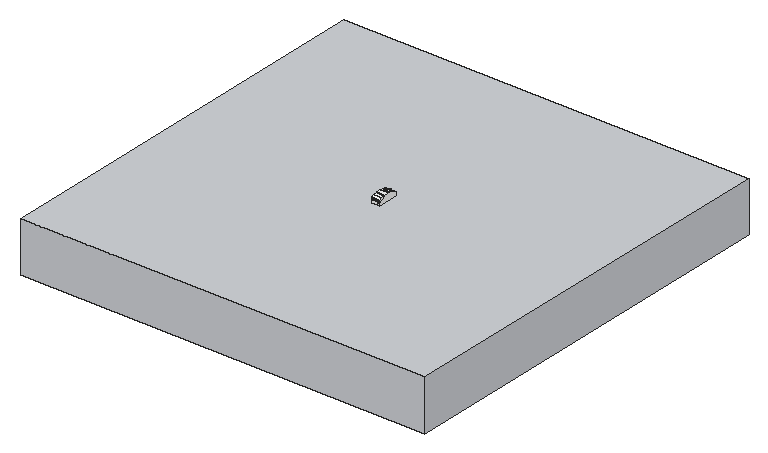
Revit family "Legrand_Gestion_eclairage_Alimentation_Plafond_DALI", category Dispositifs d'éclairage, Revit 2020
Family settings
  Hôte = Face
  Conserver l'orientation des annotations = Non
  Cote de connecteur circulaire = Utiliser le diamètre
  Type d'élément = Normal
  Couper avec des vides une fois chargée = Non
  Partagée = Non
  Point de calcul de pièce = Non
Parameters
  URL = "http://www.legrandoc.com/003515"
  Télécommandable = no
  Type de tension = ""
  Tension nominale (V) = 0
  Température (MIN) (°C) = 0
  Température (MAX) (°C) = 0
  Sensibilité réglable = no
  Sensibilité lumineuse réglable = no
  Sensibilité lumineuse (MIN) (lx) = 0
  Sensibilité lumineuse (MAX) (lx) = 0
  Réglage de lumière constante = no
  Portée max. latérale (m) = 0
  Portée max. frontale (m) = 0
  Numéro RAL = 0
  Modèle = "003515"
  Mode de montage = "autre"
  Liaison neutre = no
  Hauteur de montage maximale (m) = 0
  Gestion alarme = no
  Gestion CVC = no
  Fréquence (MIN) (Hz) = 0
  Fréquence (MAX) (Hz) = 0
  Fonction variateur intégré = no
  Fabricant = "Legrand"
  Exécution - Modèle = ""
  Entrée secondaire = no
  Default Elevation = 1219.2 mm
  Durée d'enclenchement min. (s) = 0
  Durée d'enclenchement max. (mn) = 0
  Diamètre de détection sur le plancher (m) = 0
  Description = "Alimentation DALI Prog Mosaic - pour variateurs colorimétriques 078403/048858/59"
  Courant de démarrage max. (A) = 0
  Coupure forcée = no
  Couleur = none
  Cosses d'artère secondaire = no
  Condition Générale d'Utilisation = "https://export.legrand.com/CGU-objets-BIM"
  Collecteur de terre = no
  Classe de protection (IP) = ""
  Capacité de coupure max. (W) = 0
  Boite de contrôle 2 sorties DALI = no
  Angle de détection horizontal (MIN) (°) = 0
  Angle de détection horizontal (MAX) (°) = 0
  Alimentation DALI = yes
  Adapté pour transmission sans fil = no
Types (3, lengths in mm): name | URL | Modèle | Mode de montage | Fréquence (MIN) (Hz) | Fréquence (MAX) (Hz) | Exécution - Modèle | Entrée secondaire | Description | Classe de protection (IP) | Boite de contrôle 2 sorties DALI | Alimentation DALI
  (no name) | "http://www.legrandoc.com/003515" | "003515" | "autre" | 0 | 0 | "" | no | "Alimentation DALI Prog Mosaic - pour variateurs colorimétriques 078403/048858/59" | "" | no | yes
  Alimentation DALI | "http://www.legrandoc.com/003515" | "003515" | "autre" | 0 | 0 | "" | no | "Alimentation DALI Prog Mosaic - pour variateurs colorimétriques 078403/048858/59" | "" | no | yes
  Boite de contrôle 2 sorties DALI | "http://www.legrandoc.com/048876" | "048876" | "apparent" | 50 | 60 | "module de commande" | yes | "Alimentation DALI - boîtier 4 entrées /2 sorties" | "IP20" | yes | no
Reference planes
  plane 1 "Centre (avant/arrière)": y = 0
  plane 2: z = 0
  plane 3 "Centre (gauche/droite)": x = 0
Forms (mm)
  Extrusion 1, solid
    sketch origin (0, 0, 0) x (1, 0, 0) y (0, 1, 0)
      loop
        line (-1219.2, 1219.2) -> (-1219.2, -1219.2) -> (1219.2, -1219.2) -> (1219.2, 1219.2) -> (-1219.2, 1219.2)
    from 0 to -304.8
Dimensions and locks
  aligned and locked: plane 2 to Extrusion 1
  aligned and locked: level to Extrusion 1
Nested families
  nested 1: "Modelisation 50" at (-25.75, 0, 0), visible <- "Boite de contrôle 2 sorties DALI", type "Modelisation 50"
  nested 2: "Modelisation 49" at (-25.75, 0, 0), visible <- "Alimentation DALI", type "Modelisation 49"
Connectors
  electrical at (0, 0, 0)
    settings: index 1, voltage 230 V, apparent load 0 VA, apparent load phase1 0 VA, apparent load phase2 0 VA, apparent load phase3 0 VA, power factor 1, load classification "Eclairage", number of poles 1, system type 30, power factor state 1, is connector primary yes, connector utility no, sub classification motor no, connector description ""
Definition of nested family "Modelisation 50"
  Parameters (values of type "Modelisation 50")
    Matériau couleur = none
    Longueur = 115 mm
    Largeur = 190 mm
    built-in parameter 1140140 [instance] = 1 (stored number, unit not read)
    Hauteur = 38 mm
    Default Elevation = 0 mm
    built-in parameter 1140142 [instance] = -1
    built-in parameter 1155100 [instance] = -1
  Reference planes
    plane 1 "Centre (avant/arrière)": y = 0
    plane 2: z = 0
    plane 3 "Centre (gauche/droite)": x = 25.75
  Forms (mm)
    Extrusion 1, solid, material <- "Matériau couleur"
      sketch origin (25.75, 80, 30) x (0, 0, 1) y (0, -1, 0)
        loop
          line (-30, 120) -> (-30, 0) -> (15, 0)
          arc (15, 0) -> (18.536, 1.464) -> (20, 5) r 5
          line (20, 5) -> (20, 20)
          arc (20, 20) -> (21.293, 24.912) -> (23.734, 29.365) r 20.874
          arc (23.734, 29.365) -> (27.981, 37.311) -> (30, 46.09) r 34.122
          line (30, 46.09) -> (30, 120) -> (-30, 120)
      from -95 to 95
    Extrusion 2, solid, material <- "Matériau couleur"
      sketch origin (25.75, 31, 29.578) x (0, 0, -1) y (1, 0, 0)
        loop
          arc (7.578, -70) -> (17.578, -80) -> (27.578, -70) r 10
          line (27.578, -70) -> (27.578, 70)
          arc (27.578, 70) -> (17.578, 80) -> (7.578, 70) r 10
          line (7.578, 70) -> (7.578, -70)
      from 71 to 86
    Extrusion 3, solid, material <- "Matériau couleur"
      sketch origin (25.75, 31, 29.578) x (0, 0, -1) y (1, 0, 0)
        loop
          line (25.078, -70) -> (25.078, 70)
          arc (25.078, 70) -> (17.578, 77.5) -> (10.078, 70) r 7.5
          line (10.078, 70) -> (10.078, -70)
          arc (10.078, -70) -> (17.578, -77.5) -> (25.078, -70) r 7.5
      from 86 to 101
    Extrusion 4, solid, material <- "Matériau couleur"
      sketch origin (0, 80, -19.5) x (0, -1, 0) y (1, 0, 0)
        loop
          line (150, 95.75) -> (150, 83.75) -> (154, 83.75)
          arc (154, 83.75) -> (160, 89.75) -> (154, 95.75) r 6
          line (154, 95.75) -> (150, 95.75)
        loop
          line (150, 45.25) -> (150, 33.25) -> (154, 33.25)
          arc (154, 33.25) -> (160, 39.25) -> (154, 45.25) r 6
          line (154, 45.25) -> (150, 45.25)
        loop
          line (150, 62.05) -> (150, 50.05) -> (154, 50.05)
          arc (154, 50.05) -> (160, 56.05) -> (154, 62.05) r 6
          line (154, 62.05) -> (150, 62.05)
        loop
          line (150, 78.95) -> (150, 66.95) -> (154, 66.95)
          arc (154, 66.95) -> (160, 72.95) -> (154, 78.95) r 6
          line (154, 78.95) -> (150, 78.95)
        loop
          line (150, 18.25) -> (150, 6.25) -> (154, 6.25)
          arc (154, 6.25) -> (160, 12.25) -> (154, 18.25) r 6
          line (154, 18.25) -> (150, 18.25)
        loop
          line (150, -32.25) -> (150, -44.25) -> (154, -44.25)
          arc (154, -44.25) -> (160, -38.25) -> (154, -32.25) r 6
          line (154, -32.25) -> (150, -32.25)
        loop
          line (150, -15.45) -> (150, -27.45) -> (154, -27.45)
          arc (154, -27.45) -> (160, -21.45) -> (154, -15.45) r 6
          line (154, -15.45) -> (150, -15.45)
        loop
          line (150, 1.45) -> (150, -10.55) -> (154, -10.55)
          arc (154, -10.55) -> (160, -4.55) -> (154, 1.45) r 6
          line (154, 1.45) -> (150, 1.45)
      from 24 to 25.5
    Extrusion 5, void
      sketch origin (25.75, 31, 29.578) x (0, 0, -1) y (1, 0, 0)
        loop
          line (23.578, -70) -> (23.578, -7.5) -> (16.578, -7.5)
          arc (16.578, -7.5) -> (13.043, -8.964) -> (11.578, -12.5) r 5
          line (11.578, -12.5) -> (11.578, -65)
          arc (11.578, -65) -> (13.043, -68.536) -> (16.578, -70) r 5
          line (16.578, -70) -> (23.578, -70)
        loop
          line (23.578, 7.5) -> (23.578, 70) -> (16.578, 70)
          arc (16.578, 70) -> (13.043, 68.536) -> (11.578, 65) r 5
          line (11.578, 65) -> (11.578, 12.5)
          arc (11.578, 12.5) -> (13.043, 8.964) -> (16.578, 7.5) r 5
          line (16.578, 7.5) -> (23.578, 7.5)
      from 86 to 101
    Extrusion 6, void
      sketch origin (25.75, 51, 3.989) x (-1, 0, 0) y (0, -1, 0)
        loop
          arc (-95, 81) -> (-92.071, 88.071) -> (-85, 91) r 10
          line (-85, 91) -> (-95, 91) -> (-95, 81)
      from -3.989 to 56.011
    Extrusion 7, void
      sketch origin (25.75, 51, 3.989) x (-1, 0, 0) y (0, -1, 0)
        loop
          line (95, 81) -> (95, 91) -> (85, 91)
          arc (85, 91) -> (92.071, 88.071) -> (95, 81) r 10
      from -3.989 to 56.011
    Extrusion 8, void
      sketch origin (25.75, -11, 3.989) x (1, 0, 0) y (0, 1, 0)
        loop
          line (95, 81) -> (95, 91) -> (85, 91)
          arc (85, 91) -> (92.071, 88.071) -> (95, 81) r 10
      from -3.989 to 46.011
    Extrusion 9, void
      sketch origin (25.75, -11, 3.989) x (1, 0, 0) y (0, 1, 0)
        loop
          arc (-95, 81) -> (-92.071, 88.071) -> (-85, 91) r 10
          line (-85, 91) -> (-95, 91) -> (-95, 81)
      from -3.989 to 46.011
  Cuts and joins
    Extrusion 5, Extrusion 6, Extrusion 7, Extrusion 8, Extrusion 9 cuts Extrusion 1
    Extrusion 5 cuts Extrusion 3
  Dimensions and locks
    aligned and locked: level to plane 2
Definition of nested family "Modelisation 49"
  Parameters (values of type "Modelisation 49")
    Matériau couleur = none
    Longueur = 115 mm
    Largeur = 50 mm
    built-in parameter 1140140 [instance] = 1 (stored number, unit not read)
    Hauteur = 38 mm
    Default Elevation = 0 mm
    built-in parameter 1140142 [instance] = -1
    built-in parameter 1155100 [instance] = -1
  Reference planes
    plane 1 "Centre (avant/arrière)": y = 0
    plane 2: z = 0
    plane 3 "Centre (gauche/droite)": x = 25.75
    plane 4: z = 15
    plane 5: z = 18.8
    plane 6: x = 2.25
    plane 7: x = 5.25
    plane 8: x = 46.25
  Forms (mm)
    Extrusion 1, solid, material <- "Matériau couleur"
      sketch origin (25.75, 8.5, 0) x (0, 1, 0) y (0, 0, 1)
        loop
          line (-74.5, 0) -> (48.5, 0) -> (48.5, 16.79)
          arc (48.5, 16.79) -> (47.336, 20.554) -> (44.563, 23.355) r 8.28
          arc (44.563, 23.355) -> (18.862, 33.671) -> (-8.5, 37.953) r 122.539
          line (-8.5, 37.953) -> (-36.5, 38) -> (-36.5, 35)
          arc (-36.5, 35) -> (-46.352, 25.755) -> (-57.824, 18.617) r 68.699
          arc (-57.824, 18.617) -> (-64.82, 16.045) -> (-72.2, 15) r 35.283
          line (-72.2, 15) -> (-74.5, 15) -> (-74.5, 0)
      from -25 to 25
    Extrusion 2, solid, material <- "Matériau couleur"
      sketch origin (25.75, 0, 0) x (0, 1, 0) y (0, 0, 1)
        loop
          arc (-28, 36.5) -> (-39.555, 35.645) -> (-50.706, 32.496) r 57.666
          arc (-50.706, 32.496) -> (-56.848, 29.693) -> (-62.664, 26.263) r 64.505
          arc (-62.664, 26.263) -> (-63.974, 24.651) -> (-64.5, 22.642) r 4.903
          line (-64.5, 22.642) -> (-64.5, 15) -> (-63.7, 15)
          arc (-63.7, 15) -> (-56.32, 16.045) -> (-49.324, 18.617) r 35.283
          arc (-49.324, 18.617) -> (-37.852, 25.755) -> (-28, 35) r 68.699
          line (-28, 35) -> (-28, 36.5)
      from -23.5 to 23.5
    Extrusion 3, void
      sketch origin (25.75, -0.422, 49) x (0, -1, 0) y (1, 0, 0)
        loop
          arc (-52.985, -16.929) -> (-52.378, -18.395) -> (-50.912, -19.002) r 2.073
          line (-50.912, -19.002) -> (-48.839, -19.002)
          arc (-48.839, -19.002) -> (-45.472, -18.284) -> (-42.506, -16.537) r 10.74
          arc (-42.506, -16.537) -> (-40.251, -14.817) -> (-37.535, -14.004) r 7.9
          line (-37.535, -14.004) -> (-30.436, -14.004)
          arc (-30.436, -14.004) -> (-27.713, -14.82) -> (-25.455, -16.547) r 7.903
          arc (-25.455, -16.547) -> (-22.998, -18.35) -> (-20.033, -19.053) r 7.657
          arc (-20.033, -19.053) -> (-16.464, -17.574) -> (-14.985, -14.004) r 5.048
          line (-14.985, -14.004) -> (-14.985, 14.004)
          arc (-14.985, 14.004) -> (-16.464, 17.574) -> (-20.033, 19.053) r 5.048
          arc (-20.033, 19.053) -> (-23.064, 18.319) -> (-25.551, 16.439) r 7.657
          arc (-25.551, 16.439) -> (-27.776, 14.784) -> (-30.436, 14) r 7.902
          line (-30.436, 14) -> (-37.534, 14)
          arc (-37.534, 14) -> (-40.252, 14.813) -> (-42.507, 16.534) r 7.902
          arc (-42.507, 16.534) -> (-45.473, 18.281) -> (-48.84, 19) r 10.739
          line (-48.84, 19) -> (-51.013, 19)
          arc (-51.013, 19) -> (-52.413, 18.359) -> (-52.985, 16.929) r 2.073
          line (-52.985, 16.929) -> (-52.985, -16.929)
      from -26 to -11
    Extrusion 4, solid, material <- "Matériau couleur"
      sketch origin (25.75, -0.422, 44.737) x (0, -1, 0) y (1, 0, 0)
        loop
          arc (-66.422, -5.637) -> (-65.992, -7.352) -> (-64.527, -8.343) r 2.474
          line (-64.527, -8.343) -> (-58.842, -9.669)
          arc (-58.842, -9.669) -> (-58.077, -9.963) -> (-57.422, -10.456) r 2.969
          line (-57.422, -10.456) -> (-57.422, 10.456)
          arc (-57.422, 10.456) -> (-58.077, 9.963) -> (-58.842, 9.669) r 2.969
          line (-58.842, 9.669) -> (-64.527, 8.343)
          arc (-64.527, 8.343) -> (-65.807, 7.585) -> (-66.422, 6.229) r 2.474
          line (-66.422, 6.229) -> (-66.422, -5.637)
      from -44.737 to -41.737
    Extrusion 5, void
      sketch origin (0, 0, 0) x (1, 0, 0) y (0, 0, 1)
        loop
          arc (7.15, 18.8) -> (5.807, 18.243) -> (5.25, 16.9) r 1.9
          line (5.25, 16.9) -> (5.25, 14.999) -> (46.25, 14.999) -> (46.25, 16.9)
          arc (46.25, 16.9) -> (45.693, 18.243) -> (44.35, 18.8) r 1.9
          line (44.35, 18.8) -> (7.15, 18.8)
      from 63.69 to 64.5
  Cuts and joins
    Extrusion 3 cuts Extrusion 1
    Extrusion 5 cuts Extrusion 2
  Dimensions and locks
    aligned and locked: level to plane 2
